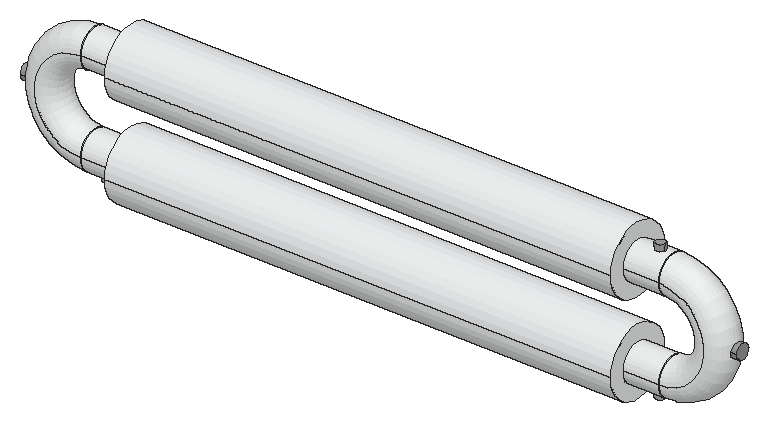
Revit family
Parameters (values of type "K76-139-12")
  URL = "http://viewer.zmags.com/publication/f01ae52f"
  Tube Radius = 38.5 mm
  Tube = RAL 9016
  Thermal Performance = Thermal Performance Constant * Length / 1000 mm  # 159.6
  Socket Thick = 10 mm
  Socket Radius = 10 mm
  Socket Length = Socket Thick + Tube Radius  # 48.5 mm
  Socket = RAL 9016
  Side Socket Radius = 15 mm  # constant formula
  R = Centre Line Distance / 2  # 95 mm
  Offset = 27.2 mm
  Model = "K76-139-12"
  Manufacturer = "Meinertz"  # constant formula
  Length = 1200 mm
  L = Length / 2  # 600 mm
  Keynote = "K76-139-12"
  Height = 150 mm
  GoGetNo = 6969  # constant formula
  Fins = yes
  Fin Radius = 69.5 mm
  Fin Pitch = RAL 9016 F
  Fin Diameter = Fin Radius * 2  # 139 mm
  Centre Line Distance = 190 mm
  Thermal Performance Constant = if(Fin Diameter = 73 mm, 88, if(Fin Diameter = 83 mm, 104, if(Fin Diameter = 92 mm, 88, if(Fin Diameter = 98 mm, 82, if(Fin Diameter = 123 mm, 110, if(Fin Diameter = 139 mm, 133, 180))))))  # 133
Types (9, lengths in mm): name | Tube Radius | Thermal Performance | Socket Radius | Socket Length | R | Offset | Model | Keynote | Height | Fin Radius | Fin Diameter | Centre Line Distance | Thermal Performance Constant
  (no name) | 38.5 | 159.6 | 10 | 48.5 | 95 | 27.2 | "K76-139-12" | "K76-139-12" | 150 | 69.5 | 139 | 190 | 133
  K33-73-08 | 16.9 | 124.8 | 5 | 26.9 | 45 | 30 | "K33-73-08" | "K33-73-08" | 125 | 41.5 | 83 | 90 | 104
  K33-83-10 | 16.9 | 124.8 | 5 | 26.9 | 50 | 30 | "K33-83-10" | "K33-83-10" | 150 | 41.5 | 83 | 100 | 104
  K42-92-10 | 21.2 | 105.6 | 5 | 31.2 | 50 | 30 | "K42-92-10" | "K42-92-10" | 125 | 46 | 92 | 100 | 88
  K48-98-10 | 24.2 | 98.4 | 10 | 34.2 | 60 | 30 | "K48-98-10" | "K48-98-10" | 150 | 49 | 98 | 120 | 82
  K60-110-10 | 30.2 | 216 | 10 | 40.2 | 75 | 30 | "K60-110-10" | "K60-110-10" | 150 | 55 | 110 | 150 | 180
  K60-123-12 | 30.2 | 132 | 10 | 40.2 | 75 | 30 | "K60-123-12" | "K60-123-12" | 150 | 61.5 | 123 | 150 | 110
  K76-139-12 | 38.5 | 159.6 | 10 | 48.5 | 95 | 27.2 | "K76-139-12" | "K76-139-12" | 150 | 69.5 | 139 | 190 | 133
  K101-164-12 | 50.8 | 216 | 10 | 60.8 | 135 | 30 | "K101-164-12" | "K101-164-12" | 150 | 82 | 164 | 270 | 180
Reference planes
  plane 1 "Center (Front/Back)": y = 0
  plane 2: z = 0
  plane 3 "Center (Left/Right)": x = 1.801
  plane 4: z = 219.5
  plane 5: z = 409.5
  plane 6: z = 150
  plane 7: z = 479
  plane 8: x = -598.199
  plane 9: x = 601.801
  plane 10: z = 314.5
  plane 11: x = -570.999
  plane 12: x = 574.601
  plane 13: z = 171
  plane 14: z = 458
  plane 15: x = -693.199
  plane 16: x = 696.801
  plane 17: x = -741.699
  plane 18: x = 745.301
Forms (mm)
  Sweep 1, solid, material "RAL 9016" <- "Tube"
    path origin (-200, 0, 0) x (1, 0, 0) y (0, 0, 1)
      loop
        arc (-398.199, 409.5) -> (-493.199, 314.5) -> (-398.199, 219.5) r 95
    profile origin (-693.199, 0, 314.5) x (0, -1, 0) y (1, 0, 0)
      loop
        circle (0, 0) r 38.5
  Sweep 2, solid, material "RAL 9016" <- "Tube"
    path origin (200, 0, 0) x (-1, 0, 0) y (0, 0, 1)
      loop
        arc (-401.801, 409.5) -> (-496.801, 314.5) -> (-401.801, 219.5) r 95
    profile origin (696.801, 0, 314.5) x (0, -1, 0) y (1, 0, 0)
      loop
        circle (0, 0) r 38.5
  Extrusion 3, solid, material "Tap"
    sketch origin (0, 0, 0) x (1, 0, 0) y (0, 1, 0)
      loop
        circle (-570.999, 0) r 10
    from 171 to 219.5
  Extrusion 4, solid, material "Tap"
    sketch origin (0, 0, 190.2) x (-1, 0, 0) y (0, -1, 0)
      loop
        circle (-574.601, 0) r 10
    from 219.3 to 267.8
  Extrusion 5, solid, material "Tap"
    sketch origin (0, 0, 73.3) x (-1, 0, 0) y (0, -1, 0)
      loop
        circle (-574.601, 0) r 10
    from 97.7 to 146.2
  Extrusion 6, solid, material "Tap"
    sketch origin (1.801, 0, 0) x (0, 1, 0) y (0, 0, 1)
      loop
        circle (0, 314.5) r 15
    from -743.5 to -695
  Extrusion 7, solid, material "Tap"
    sketch origin (1742.001, 0, 0) x (0, 1, 0) y (0, 0, 1)
      loop
        circle (0, 314.5) r 15
    from -1045.2 to -996.7
Dimensions and locks
  "Centre Line Distance": plane 5 to plane 4
  "Height": plane 6 to level
  "Fin Radius": plane 7 to plane 5
  "Fin Radius": plane 4 to plane 6
  "L": plane 3 "Center (Left/Right)" to plane 8
  "L": plane 9 to plane 3 "Center (Left/Right)"
  equal spacing: plane 5, plane 10, plane 4
  "Offset": plane 9 to plane 12
  "Offset": plane 11 to plane 8
  "Socket Length": plane 4 to plane 13
  "Socket Length": plane 14 to plane 5
  "R": plane 8 to plane 15
  "R": plane 9 to plane 16
  "Socket Length": plane 15 to plane 17
  "Socket Length": plane 16 to plane 18
  "Tube Radius": radius of Sweep 1 sketch curve
  "R": radius of Sweep 1 sketch curve
  "Tube Radius": radius of Sweep 2 sketch curve
  "R": radius of Sweep 2 sketch curve
  "Socket Radius": radius of Extrusion 3 sketch curve
  "Socket Radius": radius of Extrusion 4 sketch curve
  "Socket Radius": radius of Extrusion 5 sketch curve
  "Side Socket Radius": radius of Extrusion 6 sketch curve
  "Side Socket Radius": radius of Extrusion 7 sketch curve
  aligned and locked: plane 1 "Center (Front/Back)" to nested 1
  aligned and locked: plane 4 to nested 1
  aligned and locked: plane 5 to nested 2
  aligned and locked: Sweep 1 to plane 8
  aligned and locked: plane 8 to Sweep 1 sketch curve  (x2)
  aligned and locked: plane 9 to nested 2
  aligned and locked: plane 9 to nested 1
  aligned and locked: Sweep 2 to plane 9
  aligned and locked: plane 4 to Extrusion 3
  aligned and locked: Extrusion 3 to plane 13
  aligned and locked: plane 14 to Extrusion 4
  aligned and locked: Extrusion 4 to plane 5
  aligned and locked: plane 4 to Extrusion 5
  aligned and locked: Extrusion 5 to plane 13
  aligned and locked: plane 15 to Extrusion 6
  aligned and locked: Extrusion 6 to plane 17
  aligned and locked: plane 18 to Extrusion 7
  aligned and locked: Extrusion 7 to plane 16
Automatic sketch dimensions
  Sweep 1 sketch curve to plane 4 = 0 mm
  Sweep 1 sketch curve to plane 1 "Center (Front/Back)" = 0 mm
  Sweep 1 sketch curve to profile plane = 0 mm
  Sweep 2 sketch curve to plane 5 = 0 mm
  Sweep 2 sketch curve to plane 9 = 0 mm
  Sweep 2 sketch curve to plane 1 "Center (Front/Back)" = 0 mm
  Sweep 2 sketch curve to profile plane = 0 mm
  Extrusion 3 sketch curve to plane 1 "Center (Front/Back)" = 0 mm
  Extrusion 3 sketch curve to plane 11 = 0 mm
  Extrusion 4 sketch curve to plane 1 "Center (Front/Back)" = 0 mm
  Extrusion 4 sketch curve to plane 12 = 0 mm
  Extrusion 5 sketch curve to plane 1 "Center (Front/Back)" = 0 mm
  Extrusion 5 sketch curve to plane 12 = 0 mm
  Extrusion 6 sketch curve to plane 1 "Center (Front/Back)" = 0 mm
  Extrusion 6 sketch curve to plane 10 = 0 mm
  Extrusion 7 sketch curve to plane 1 "Center (Front/Back)" = 0 mm
  Extrusion 7 sketch curve to plane 10 = 0 mm
Nested families
  nested 1: "Ribberør LSV-Finned Tube" at (1.801, 0, 19.5), type "k33-73-08"
  nested 2: "Ribberør LSV-Finned Tube" at (1.801, 0, 209.5), type "k33-73-08"
Connectors
  piping at (-741.699, 0, 314.5)
    settings: on Extrusion 6, index 1, connector radius 10 mm, flow factor 0, pipe flow 0.0 L/s, pressure drop 0.0 Pa, fitting loss kfactor 0, connector angle 0.00°, fixture units 0, flow configuration 1, flow direction 1, fitting loss method 0, system type 22, connector reference index -1, connector utility 0, adjustable connector no, is connector primary yes, fitting loss table "", connector description ""
  piping at (745.301, 0, 314.5)
    settings: on Extrusion 7, index 2, connector radius 10 mm, flow factor 0, pipe flow 0.0 L/s, pressure drop 0.0 Pa, fitting loss kfactor 0, connector angle 0.00°, fixture units 0, flow configuration 1, flow direction 2, fitting loss method 0, system type 22, connector reference index -1, connector utility 0, adjustable connector no, is connector primary no, fitting loss table "", connector description ""
  piping at (-570.999, 0, 171)
    settings: on Extrusion 3, index 3, connector radius 10 mm, flow factor 0, pipe flow 0.0 L/s, pressure drop 0.0 Pa, fitting loss kfactor 0, connector angle 0.00°, fixture units 0, flow configuration 1, flow direction 1, fitting loss method 0, system type 22, connector reference index -1, connector utility 0, adjustable connector no, is connector primary no, fitting loss table "", connector description ""
  piping at (574.601, 0, 171)
    settings: on Extrusion 5, index 4, connector radius 10 mm, flow factor 0, pipe flow 0.0 L/s, pressure drop 0.0 Pa, fitting loss kfactor 0, connector angle 0.00°, fixture units 0, flow configuration 1, flow direction 2, fitting loss method 0, system type 22, connector reference index -1, connector utility 0, adjustable connector no, is connector primary no, fitting loss table "", connector description ""
  piping at (574.601, 0, 458)
    settings: on Extrusion 4, index 5, connector radius 10 mm, flow factor 0, pipe flow 0.0 L/s, pressure drop 0.0 Pa, fitting loss kfactor 0, connector angle 0.00°, fixture units 0, flow configuration 1, flow direction 2, fitting loss method 0, system type 22, connector reference index -1, connector utility 0, adjustable connector no, is connector primary no, fitting loss table "", connector description ""
Definition of nested family "Ribberør LSV-Finned Tube"
  Parameters (values of type "K101-164-12")
    URL = "http://www.meinertz.com"
    Tube Radius = Tube Diameter / 2  # 50.8 mm
    Tube Diameter = 101.6 mm
    Tube = RAL 9016
    Offset = 75 mm
    Model = "K101-164-12"
    Max #1 Pole Breakers [instance] = 271
    Manufacturer = "Meinertz"
    Length = 1200 mm
    Keynote = "K101-164-12"
    Height = 150 mm
    GoGetNo = 6959  # constant formula
    Fins = yes
    Fin Radius = Fin Diameter / 2  # 82 mm
    Fin Pitch = RAL 9016 F
    Fin Offset = 0.6 mm
    Fin Diameter = 164 mm
    Assembly Code = ""
  Types (8, lengths in mm): name | Tube Radius | Tube Diameter | Model | Max #1 Pole Breakers | Keynote | Height | Fin Radius | Fin Offset | Fin Diameter
    K33-83-10 | 16.85 | 33.7 | "K33-83-10" | 271 | "K33-83-10" | 150 | 41.5 | 0.3 | 83
    K42-92-10 | 21.2 | 42.4 | "K42-92-10" | 271 | "K42-92-10" | 150 | 46 | 0.4 | 92
    K48-98-10 | 24.15 | 48.3 | "K48-98-10" | 271 | "K48-98-10" | 150 | 49 | 0.4 | 98
    K60-110-10 | 30.15 | 60.3 | "K60-110-10" | 271 | "K60-110-10" | 150 | 55 | 0.5 | 110
    K60-123-12 | 30.15 | 60.3 | "K60-123-12" | 271 | "K60-123-12" | 150 | 61.5 | 0.4 | 123
    K76-139-12 | 38.05 | 76.1 | "K76-139-12" | 271 | "K76-139-12" | 150 | 69.5 | 0.5 | 139
    K101-164-12 | 50.8 | 101.6 | "K101-164-12" | 271 | "K101-164-12" | 150 | 82 | 0.6 | 164
    k33-73-08 | 38.5 | 77 | "K101-164-12" | 211 | "K101-164-12" | 200 | 69.5 | 0.3 | 139
  Reference planes
    plane 1 "Center (Front/Back)": y = 0
    plane 2: z = 0
    plane 3 "Center (Left/Right)": x = 0
    plane 4: x = -600
    plane 5: x = 600
    plane 6: z = 150
    plane 7: x = -525
    plane 8: x = 525
  Forms (mm)
    Extrusion 1, solid, material "RAL 9016" <- "Tube"
      sketch origin (0, 0, 0) x (0, 1, 0) y (0, 0, 1)
        loop
          circle (0, 150) r 50.8
      from -600 to 600
    Extrusion 2, solid, material "RAL 9016 F" <- "Fin Pitch", visible <- "Fins"
      sketch origin (0, 0, 0) x (0, 1, 0) y (0, 0, 1)
        loop
          circle (0, 150) r 82
      from -525 to 525
  Dimensions and locks
    equal spacing: plane 4, plane 3 "Center (Left/Right)", plane 5
    "Length": plane 4 to plane 5
    "Offset": plane 4 to plane 7
    "Offset": plane 8 to plane 5
    "Height": plane 6 to plane 2
    "Tube Radius": radius of Extrusion 1 sketch curve
    "Fin Radius": radius of Extrusion 2 sketch curve
    aligned and locked: Extrusion 1 to plane 4
    aligned and locked: plane 5 to Extrusion 1
    aligned and locked: plane 8 to Extrusion 2
    aligned and locked: Extrusion 2 to plane 7
  Automatic sketch dimensions
    Extrusion 1 sketch curve to plane 1 "Center (Front/Back)" = 0 mm
    Extrusion 1 sketch curve to plane 6 = 0 mm
    Extrusion 2 sketch curve to plane 1 "Center (Front/Back)" = 0 mm
    Extrusion 2 sketch curve to plane 6 = 0 mm
